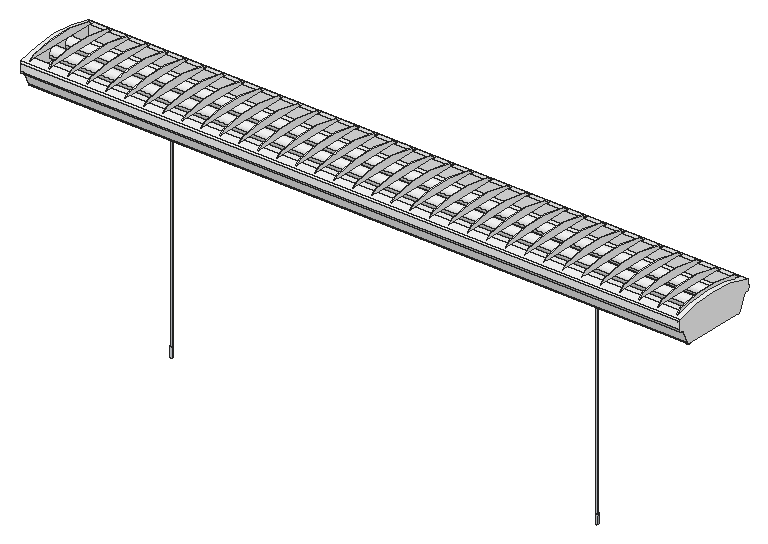
Revit family "0051683 Feilo Sylvania Lighting Fixture SYLMASTER T8 LED 1500 HO 4K Pendant ", category Lighting Fixtures, host Face, Revit 2017
Family settings
  Host = Face
  Round Connector Dimension = Use Diameter
  Part Type = Normal
  OmniClass Number = 23.80.70.00
  OmniClass Title = Lighting
  Cut with Voids When Loaded = No
  Light Source = Yes
  Shared = No
  Room Calculation Point = No
Parameters (values of type "0051683 SYLMASTER T8 LED 1500 HO 4K")
  WidthVoid_FEILO = 160 mm
  Weight = "3.0 kg"
  Wattage Comments = ""
  Wattage = 53 W
  WarrantyStartDate [instance] = "n/a"
  WarrantyGuarantorParts = "n/a"
  WarrantyDurationUnit = "n/a"
  WarrantyDurationParts = "n/a"
  WarrantyDescription = "n/a"
  built-in parameter 1150110 = 1 (stored number, unit not read)
  Voltage = 230 V
  URL = "http://www.sylvania-lighting.com"
  TypeName = "SYLMASTER T8 LED 1500 HO 4K"
  Type Image = <None>
  Type Comments = "n/a"
  Twin_FEILO = not(Single_FEILO)  # yes
  built-in parameter 1114217 = 1 (stored number, unit not read)
  Tilt Angle = -90.00°
  built-in parameter 1150109 = 1 (stored number, unit not read)
  built-in parameter 1150134 = 12
  SuspensionHeight_FEILO [instance] = 500 mm
  built-in parameter 1150113 = 1 (stored number, unit not read)
  Single_FEILO = no
  SerialNumber [instance] = "n/a"
  ReflectorSpacing_FEILO = (Length_FEILO - 30 mm) / (Array_FEILO - 1)  # 44.706 mm
  RadiusTube_FEILO = 12.7 mm
  RadiusSuspensionWire_FEILO = 2 mm
  Photometric Web File = "0051683.ies"
  Material_3_FEILO = none
  PowerFactor = 0.9
  PowerConsumption = "53 W"
  NominalLength = 1550 mm
  NominalHeight = 85 mm
  NominalDepth = 202 mm
  Name = "SYLMASTER T8 LED 1500 HO 4K"
  ModelReference = Name  # "SYLMASTER T8 LED 1500 HO 4K"
  ModelNumber = "0051683"
  Model = Name  # "SYLMASTER T8 LED 1500 HO 4K"
  Material = "steel housing"
  ManufacturerName = "Feilo Sylvania"
  Manufacturer = "Feilo Sylvania"
  LuminousEfficacy = "76 lm/W"
  built-in parameter 1150105 = 1576.1 (stored number, unit not read)
  Lumens = 4028 lm
  LuminaireType = ""
  built-in parameter 1150115 = 1 (stored number, unit not read)
  LightOutputRatio = "71"
  built-in parameter 1150137 = (empty or 0)
  built-in parameter 1150139 = (empty or 0)
  Length_FEILO = 1550 mm
  LampsType = Lamp  # "LED"
  LampNominalLuminous = "4028 lm"
  LampMacAdamStep = "6"
  LampColourTemperature = "4000 K"
  LampColourRenderingIndex = "80"
  built-in parameter 1150112 = 1 (stored number, unit not read)
  built-in parameter 1150114 = 1 (stored number, unit not read)
  Lamp = "LED"
  Keynote = "16500"
  InstallationDate [instance] = "n/a"
  InputVoltage = "220-240V~"
  InputNominalFrequency = "50/60 Hz"
  built-in parameter 1150132 = (empty or 0)
  built-in parameter 1150102 = (empty or 0)
  built-in parameter 1150107 = 4000 (stored number, unit not read)
  built-in parameter 1150138 = (empty or 0)
  IngressProtection = "IP20"
  ImpactProtectionIndex = "IK02"
  built-in parameter 1150106 = 15.761 (stored number, unit not read)
  IfcExportType = "IfcLightFixtureType"
  IfcExportAs = "IfcLightFixtureType"
  ExpectedLife = 50000
  Emit from Rectangle Width = WidthVoid_FEILO  # 160 mm
  Emit from Rectangle Length = Length_FEILO - 30 mm  # 1520 mm
  Emit Shape Visible in Rendering = no
  ElectricShockClassification = "Class I"
  built-in parameter 1150104 = 7.0606 (stored number, unit not read)
  DurationUnit = "hours"
  DocumentationLiterature = "http://www.sylvania-lighting.com/product/en-int/products/0051683"
  DimmingControlOptions = "Non dimmable"
  Material_2_FEILO = LEDTube-Sylvania-Sylmaster
  Dimming Lamp Color Temperature Shift = <None>
  RadiusSuspensionSleeve_FEILO = 3 mm
  Description = "SYLMASTER T8 LED 1500 HO 4K is a surface mount / pendant luminaire supplied with 2 ToLEDo T8 27W 840 LED Tubes."
  Default Elevation = 1219.2 mm
  CreatedOn = "2/19/2018"
  CreatedBy = ""
  Cost = 0
  Color Filter = 16777215
  built-in parameter 1114216 [instance] = (empty or 0)
  ClassificationValue = "EF_70_80"
  ClassificationName = "Uniclass2015"
  Material_1_FEILO = Body-Sylvania-Sylmaster-White
  BarCode [instance] = "n/a"
  built-in parameter 1114218 = 1 (stored number, unit not read)
  built-in parameter 1150133 = 10 (stored number, unit not read)
  AssetType = "Fixed"
  AssetIdentifier [instance] = "n/a"
  Assembly Code = "D5020200"
  Array_FEILO = if(Length_FEILO = 1250 mm, 25, 35)  # 35
  Apparent Load = 53 VA
  Material_4_FEILO = none
Reference planes
  plane 1 "Center (Front/Back)": y = 0
  plane 2: z = 0
  plane 3 "Center (Left/Right)": x = 0
  plane 4: y = 101
  plane 5: y = -101
  plane 6: z = 500
  plane 7: z = 585
  plane 8: z = 561
  plane 9: z = 545
  plane 10: z = 507
  plane 11: z = 568
  plane 12: y = -89
  plane 13: y = -75
  plane 14: y = -30
  plane 15: y = 30
  plane 16: y = 89
  plane 17: y = 75
  plane 18: z = 542
  plane 19: x = -775
  plane 20: x = 775
  plane 21: x = -500
  plane 22: x = 500
  plane 23: y = -23
  plane 24: y = 23
  plane 25: x = -480
  plane 26: x = -520
  plane 27: x = 480
  plane 28: x = 520
  plane 29: x = -513
  plane 30: x = -487
  plane 31: x = 487
  plane 32: x = 513
  plane 33: y = 80
  plane 34: y = -80
  plane 35: x = 760
  plane 36: x = -760
  plane 37: y = 33
  plane 38: z = 544.6
  plane 39: x = -715.294
  plane 40: z = 22
  plane 41: z = 478
  plane 42: x = -503
  plane 43: x = -502
  plane 44: x = 498
  plane 45: x = 497
Forms (mm)
  Extrusion 1, solid, material "Body-Sylvania-Sylmaster-White" <- "Material_1_FEILO", detail levels medium+fine
    sketch origin (0, 0, 0) x (0, 1, 0) y (0, 0, 1)
      loop
        arc (-98.274, 568.93) -> (-100.248, 567.473) -> (-101, 565.138) r 4
        line (-101, 565.138) -> (-101, 548.904)
        arc (-101, 548.904) -> (-99.941, 545.827) -> (-97.213, 544.053) r 5
        line (-97.213, 544.053) -> (-93.96, 543.24)
        arc (-93.96, 543.24) -> (-89.81, 541.072) -> (-87.101, 537.253) r 10
        line (-87.101, 537.253) -> (-76.76, 511.4)
        arc (-76.76, 511.4) -> (-74.185, 508.204) -> (-70.261, 507) r 7
        line (-70.261, 507) -> (70.261, 507)
        arc (70.261, 507) -> (74.185, 508.204) -> (76.76, 511.4) r 7
        line (76.76, 511.4) -> (87.101, 537.253)
        arc (87.101, 537.253) -> (89.81, 541.072) -> (93.96, 543.24) r 10
        line (93.96, 543.24) -> (97.213, 544.053)
        arc (97.213, 544.053) -> (99.941, 545.827) -> (101, 548.904) r 5
        line (101, 548.904) -> (101, 565.138)
        arc (101, 565.138) -> (100.248, 567.473) -> (98.274, 568.93) r 4
        arc (98.274, 568.93) -> (0, 585) -> (-98.274, 568.93) r 308.529
    from -775 to 775
  Blend 2, solid, material "Body-Sylvania-Sylmaster-White" <- "Material_1_FEILO"
    base sketch origin (0, 1219.2, 507) x (1, 0, 0) y (0, 1, 0)
      loop
        line (-520, -1189.2) -> (-520, -1249.2) -> (-480, -1249.2) -> (-480, -1189.2) -> (-520, -1189.2)
    top sketch origin (0, 1219.2, 507) x (1, 0, 0) y (0, 1, 0)
      loop
        line (-513, -1196.2) -> (-513, -1242.2) -> (-487, -1242.2) -> (-487, -1196.2) -> (-513, -1196.2)
    from 0 to -7
  Blend 3, solid, material "Body-Sylvania-Sylmaster-White" <- "Material_1_FEILO"
    base sketch origin (0, 1219.2, 507) x (1, 0, 0) y (0, 1, 0)
      loop
        line (480, -1189.2) -> (480, -1249.2) -> (520, -1249.2) -> (520, -1189.2) -> (480, -1189.2)
    top sketch origin (0, 1219.2, 507) x (1, 0, 0) y (0, 1, 0)
      loop
        line (487, -1196.2) -> (487, -1242.2) -> (513, -1242.2) -> (513, -1196.2) -> (487, -1196.2)
    from 0 to -7
  Extrusion 4, void
    sketch origin (0, 0, 0) x (0, 1, 0) y (0, 0, 1)
      loop
        line (-80, 585) -> (-80, 545) -> (80, 545) -> (80, 585) -> (-80, 585)
    from -760 to 760
  Extrusion 5, solid, material "LEDTube-Sylvania-Sylmaster" <- "Material_2_FEILO", visible <- "Single_FEILO", detail levels medium+fine
    sketch origin (0, 0, 0) x (0, 1, 0) y (0, 0, 1)
      loop
        circle (0, 561) r 12.7
    from -760 to 760
  Extrusion 6, solid, material "LEDTube-Sylvania-Sylmaster" <- "Material_2_FEILO", visible <- "Twin_FEILO", detail levels medium+fine
    sketch origin (0, 0, 0) x (0, 1, 0) y (0, 0, 1)
      loop
        circle (-23, 561) r 12.7
      loop
        circle (23, 561) r 12.7
    from -760 to 760
  Revolve 7, solid
    sketch origin (0, 0, 0) x (1, 0, 0) y (0, 0, 1)
      loop
        line (-500, 500) -> (-503, 500) -> (-503, 478) -> (-502, 478) -> (-502, 22) -> (-503, 22) -> (-503, 0) -> (-500, 0) -> (-500, 500)
      axis (-500, 500) -> (-500, 0)
    angle from 360 to 0
  Revolve 8, solid
    sketch origin (0, 0, 0) x (1, 0, 0) y (0, 0, 1)
      loop
        line (500, 500) -> (497, 500) -> (497, 478) -> (498, 478) -> (498, 22) -> (497, 22) -> (497, 0) -> (500, 0) -> (500, 500)
      axis (500, 500) -> (500, 0)
    angle from 360 to 0
  Extrusion 9, solid, material "Body-Sylvania-Sylmaster-White" <- "Material_1_FEILO", detail levels coarse
    sketch origin (0, 0, 0) x (0, 1, 0) y (0, 0, 1)
      loop
        arc (-98.274, 568.93) -> (-100.248, 567.473) -> (-101, 565.138) r 4
        line (-101, 565.138) -> (-101, 548.904)
        arc (-101, 548.904) -> (-99.941, 545.827) -> (-97.213, 544.053) r 5
        line (-97.213, 544.053) -> (-93.96, 543.24)
        arc (-93.96, 543.24) -> (-89.81, 541.072) -> (-87.101, 537.253) r 10
        line (-87.101, 537.253) -> (-76.76, 511.4)
        arc (-76.76, 511.4) -> (-74.185, 508.204) -> (-70.261, 507) r 7
        line (-70.261, 507) -> (70.261, 507)
        arc (70.261, 507) -> (74.185, 508.204) -> (76.76, 511.4) r 7
        line (76.76, 511.4) -> (87.101, 537.253)
        arc (87.101, 537.253) -> (89.81, 541.072) -> (93.96, 543.24) r 10
        line (93.96, 543.24) -> (97.213, 544.053)
        arc (97.213, 544.053) -> (99.941, 545.827) -> (101, 548.904) r 5
        line (101, 548.904) -> (101, 565.138)
        arc (101, 565.138) -> (100.248, 567.473) -> (98.274, 568.93) r 4
        arc (98.274, 568.93) -> (0, 585) -> (-98.274, 568.93) r 308.529
    from -775 to 775
Cuts and joins
  Extrusion 4 cuts Extrusion 1
Lines and regions (mm)
  reference lines
    curve 1: line (0, -101, 545) -> (0, -89, 542)
    curve 2: line (0, -89, 542) -> (0, -75, 507)
    curve 3: line (0, 101, 545) -> (0, 89, 542)
    curve 4: line (0, 89, 542) -> (0, 75, 507)
Dimensions and locks
  equal spacing: plane 5, plane 1 "Center (Front/Back)", plane 4
  locked: plane 5 to plane 4 at 202
  "SuspensionHeight_FEILO": plane 6 to plane 2
  locked: plane 6 to plane 7 at 85
  plane 8 to plane 7 = 24 mm
  locked: plane 9 to plane 7 at 40
  locked: plane 6 to plane 10 at 7
  locked: plane 8 to plane 11 at 7
  equal spacing: plane 13, plane 1 "Center (Front/Back)", plane 17
  equal spacing: plane 14, plane 1 "Center (Front/Back)", plane 15
  equal spacing: plane 12, plane 1 "Center (Front/Back)", plane 16
  locked: plane 13 to plane 17 at 150
  locked: plane 12 to plane 16 at 178
  locked: plane 18 to plane 9 at 3
  locked: Extrusion 1 sketch curve to plane 7 at 308.529
  Extrusion 1 sketch curve to plane 1 "Center (Front/Back)" to Extrusion 1 sketch curve = 97 mm locked, 97 mm locked
  Extrusion 1 sketch curve to plane 1 "Center (Front/Back)" to Extrusion 1 sketch curve = 96 mm locked, 96 mm locked
  equal spacing: plane 19, plane 3 "Center (Left/Right)", plane 20
  "Length_FEILO": plane 19 to plane 20
  Extrusion 1 sketch curve to plane 1 "Center (Front/Back)" to Extrusion 1 sketch curve = 70.261 mm locked, 70.261 mm locked
  Extrusion 1 sketch curve to plane 1 "Center (Front/Back)" to Extrusion 1 sketch curve = 96.386 mm locked, 96.386 mm locked
  Extrusion 1 sketch curve to Extrusion 1 sketch curve to Extrusion 1 sketch curve to Extrusion 1 sketch curve to plane 7 = 19.539 mm locked, 15.365 mm locked, 16.235 mm locked, 19.862 mm locked  (x2)
  equal spacing: plane 21, plane 3 "Center (Left/Right)", plane 22
  locked: plane 21 to plane 22 at 1000
  equal spacing: plane 23, plane 1 "Center (Front/Back)", plane 24
  locked: plane 14 to plane 23 at 7
  locked: plane 14 to plane 1 "Center (Front/Back)" at 30
  equal spacing: plane 26, plane 21, plane 25, locked at 20 each
  equal spacing: plane 27, plane 22, plane 28, locked at 20 each
  locked: plane 26 to plane 21 at 20
  locked: plane 27 to plane 22 at 20
  equal spacing: plane 29, plane 21, plane 30
  locked: plane 26 to plane 29 at 7
  equal spacing: plane 31, plane 22, plane 32
  locked: plane 27 to plane 31 at 7
  equal spacing: plane 36, plane 3 "Center (Left/Right)", plane 35
  locked: plane 19 to plane 36 at 15
  plane 1 "Center (Front/Back)" to plane 37 = 33 mm
  equal spacing: plane 34, plane 1 "Center (Front/Back)", plane 33
  "WidthVoid_FEILO": plane 34 to plane 33
  locked: plane 38 to plane 7 at 40.4
  "ReflectorSpacing_FEILO": plane 36 to plane 39
  equal spacing: group 1, group 2, group 3, group 4, group 5, group 6, group 7, group 8, group 9, group 10, group 11, group 12, group 13, group 14, group 15, group 16, group 17, group 18, group 19, group 20, group 21, group 22, group 23, group 24, group 25, group 26, group 27, group 28, group 29, group 30, group 31, group 32, group 33, group 34, group 35  (x3)
  locked: plane 6 to plane 41 at 22
  locked: plane 40 to host face at 22
  "RadiusSuspensionWire_FEILO": plane 22 to plane 44
  "RadiusSuspensionSleeve_FEILO": plane 22 to plane 45
  "RadiusSuspensionWire_FEILO": plane 21 to plane 43
  "RadiusSuspensionSleeve_FEILO": plane 21 to plane 42
  "RadiusTube_FEILO": radius of Extrusion 5 sketch curve
  aligned and locked: plane 2 to host face
  aligned and locked: level to host face
  aligned and locked: plane 5 to curve 1
  aligned and locked: plane 12 to curve 1
  aligned and locked: plane 13 to curve 2
  aligned and locked: plane 4 to curve 3
  aligned and locked: plane 16 to curve 3
  aligned and locked: plane 17 to curve 4
  aligned and locked: plane 5 to Extrusion 1 sketch curve
  aligned and locked: curve 2 to Extrusion 1 sketch curve
  aligned and locked: plane 1 "Center (Front/Back)" to Extrusion 1 sketch curve
  aligned and locked: plane 20 to Extrusion 1
  aligned and locked: Extrusion 1 to plane 19
  aligned and locked: Extrusion 1 sketch curve to curve 3
  aligned and locked: curve 1 to Extrusion 1 sketch curve
  aligned and locked: Extrusion 1 sketch curve to curve 4
  aligned and locked: plane 15 to Blend 2 sketch curve
  aligned and locked: plane 26 to Blend 2 sketch curve
  aligned and locked: Blend 2 sketch curve to plane 14
  aligned and locked: Blend 2 sketch curve to plane 25
  aligned and locked: plane 24 to Blend 2 sketch curve
  aligned and locked: plane 29 to Blend 2 sketch curve
  aligned and locked: Blend 2 sketch curve to plane 23
  aligned and locked: Blend 2 sketch curve to plane 30
  aligned and locked: plane 6 to Blend 2
  aligned and locked: Blend 2 to plane 10
  aligned and locked: plane 15 to Blend 3 sketch curve
  aligned and locked: plane 27 to Blend 3 sketch curve
  aligned and locked: Blend 3 sketch curve to plane 14
  aligned and locked: Blend 3 sketch curve to plane 28
  aligned and locked: plane 24 to Blend 3 sketch curve
  aligned and locked: plane 31 to Blend 3 sketch curve
  aligned and locked: Blend 3 sketch curve to plane 23
  aligned and locked: Blend 3 sketch curve to plane 32
  aligned and locked: Blend 3 to plane 10
  aligned and locked: plane 6 to Blend 3
  aligned and locked: plane 7 to Extrusion 4 sketch curve
  aligned and locked: Extrusion 4 sketch curve to plane 34
  aligned and locked: Extrusion 4 sketch curve to plane 9
  aligned and locked: plane 33 to Extrusion 4 sketch curve
  aligned and locked: plane 35 to Extrusion 4
  aligned and locked: Extrusion 4 to plane 36
  aligned and locked: plane 1 "Center (Front/Back)" to nested 1
  aligned and locked: plane 36 to nested 1
  aligned and locked: plane 39 to nested 2
  aligned and locked: plane 1 "Center (Front/Back)" to Extrusion 5 sketch curve
  aligned and locked: plane 8 to Extrusion 5 sketch curve
  aligned and locked: plane 35 to Extrusion 5
  aligned and locked: Extrusion 5 to plane 36
  aligned and locked: plane 23 to Extrusion 6 sketch curve
  aligned and locked: plane 8 to Extrusion 6 sketch curve  (x2)
  aligned and locked: plane 24 to Extrusion 6 sketch curve
  aligned and locked: plane 35 to Extrusion 6
  aligned and locked: Extrusion 6 to plane 36
  aligned and locked: plane 3 "Center (Left/Right)" to imposter light
  aligned and locked: imposter light to plane 1 "Center (Front/Back)"
  aligned and locked: imposter light to plane 7
  aligned and locked: Revolve 7 sketch curve to plane 21
  aligned and locked: plane 21 to Revolve 7 sketch curve  (x2)
  aligned and locked: Revolve 7 sketch curve to Blend 2
  aligned and locked: Revolve 7 sketch curve to plane 42  (x2)
  aligned and locked: plane 41 to Revolve 7 sketch curve
  aligned and locked: Revolve 7 sketch curve to plane 43
  aligned and locked: Revolve 7 sketch curve to plane 40
  aligned and locked: Revolve 7 sketch curve to level
  aligned and locked: Revolve 8 sketch curve to plane 22
  aligned and locked: plane 22 to Revolve 8 sketch curve  (x2)
  aligned and locked: Revolve 8 sketch curve to Blend 3
  aligned and locked: Revolve 8 sketch curve to plane 45
  aligned and locked: plane 41 to Revolve 8 sketch curve
  aligned and locked: Revolve 8 sketch curve to plane 44
  aligned and locked: Revolve 8 sketch curve to plane 40
  aligned and locked: level to Revolve 8 sketch curve
  aligned and locked: Extrusion 9 sketch curve to cut or joined group of Extrusion 1, Extrusion 4  (x9)
  aligned and locked: plane 20 to Extrusion 9
  aligned and locked: Extrusion 9 to plane 19
Automatic sketch dimensions
  host sketch curve to host sketch curve = 2438.4 mm  (x2)
  plane 9 to Extrusion 1 sketch curve = 0.947 mm  (x2)
  Extrusion 1 sketch curve to plane 18 = 1.24 mm  (x2)
  Extrusion 1 sketch curve to plane 12 = 1.899 mm
  plane 13 to Extrusion 1 sketch curve = 1.76 mm
  Extrusion 1 sketch curve to plane 17 = 1.76 mm
  plane 16 to Extrusion 1 sketch curve = 1.899 mm
  Extrusion 1 sketch curve to Extrusion 1 sketch curve = 0 mm
  plane 10 to curve 2 = 0 mm
  plane 10 to curve 4 = 0 mm
  plane 18 to curve 2 = 0 mm
  plane 18 to curve 3 = 0 mm
  plane 9 to curve 1 = 0 mm
  plane 9 to curve 3 = 0 mm
  Revolve 7 sketch curve to level = 304.8 mm
  Revolve 7 sketch curve to plane 7 = 2153.4 mm
  Revolve 8 sketch curve to plane 45 = 0 mm
  Revolve 8 sketch curve to level = 304.8 mm
  Revolve 8 sketch curve to plane 7 = 2153.4 mm
  plane 38 to Extrusion 9 sketch curve = 0.547 mm  (x2)
  Extrusion 9 sketch curve to plane 18 = 1.24 mm  (x2)
  Extrusion 9 sketch curve to plane 12 = 1.899 mm
  plane 13 to Extrusion 9 sketch curve = 1.76 mm
  Extrusion 9 sketch curve to plane 17 = 1.76 mm
  plane 16 to Extrusion 9 sketch curve = 1.899 mm
  radius of Extrusion 6 sketch curve = 12.7 mm  (x2)
Nested families
  nested 1: "Sylmaster reflector" at (-760, 0, 544.6), type "Type Name", detail levels medium+fine
    with WidthVoid_FEILO 160 mm
  nested 2: "Sylmaster reflector" at (-715.294, 0, 544.6), type "Type Name", detail levels medium+fine
    with WidthVoid_FEILO 160 mm
  nested 3: "Sylmaster reflector" at (-670.588, 0, 544.6), type "Type Name", detail levels medium+fine
    with WidthVoid_FEILO 160 mm
  nested 4: "Sylmaster reflector" at (-625.882, 0, 544.6), type "Type Name", detail levels medium+fine
    with WidthVoid_FEILO 160 mm
  nested 5: "Sylmaster reflector" at (-581.176, 0, 544.6), type "Type Name", detail levels medium+fine
    with WidthVoid_FEILO 160 mm
  nested 6: "Sylmaster reflector" at (-536.471, 0, 544.6), type "Type Name", detail levels medium+fine
    with WidthVoid_FEILO 160 mm
  nested 7: "Sylmaster reflector" at (-491.765, 0, 544.6), type "Type Name", detail levels medium+fine
    with WidthVoid_FEILO 160 mm
  nested 8: "Sylmaster reflector" at (-447.059, 0, 544.6), type "Type Name", detail levels medium+fine
    with WidthVoid_FEILO 160 mm
  nested 9: "Sylmaster reflector" at (-402.353, 0, 544.6), type "Type Name", detail levels medium+fine
    with WidthVoid_FEILO 160 mm
  nested 10: "Sylmaster reflector" at (-357.647, 0, 544.6), type "Type Name", detail levels medium+fine
    with WidthVoid_FEILO 160 mm
  nested 11: "Sylmaster reflector" at (-312.941, 0, 544.6), type "Type Name", detail levels medium+fine
    with WidthVoid_FEILO 160 mm
  nested 12: "Sylmaster reflector" at (-268.235, 0, 544.6), type "Type Name", detail levels medium+fine
    with WidthVoid_FEILO 160 mm
  nested 13: "Sylmaster reflector" at (-223.529, 0, 544.6), type "Type Name", detail levels medium+fine
    with WidthVoid_FEILO 160 mm
  nested 14: "Sylmaster reflector" at (-178.824, 0, 544.6), type "Type Name", detail levels medium+fine
    with WidthVoid_FEILO 160 mm
  nested 15: "Sylmaster reflector" at (-134.118, 0, 544.6), type "Type Name", detail levels medium+fine
    with WidthVoid_FEILO 160 mm
  nested 16: "Sylmaster reflector" at (-89.412, 0, 544.6), type "Type Name", detail levels medium+fine
    with WidthVoid_FEILO 160 mm
  nested 17: "Sylmaster reflector" at (-44.706, 0, 544.6), type "Type Name", detail levels medium+fine
    with WidthVoid_FEILO 160 mm
  nested 18: "Sylmaster reflector" at (0, 0, 544.6), type "Type Name", detail levels medium+fine
    with WidthVoid_FEILO 160 mm
  nested 19: "Sylmaster reflector" at (44.706, 0, 544.6), type "Type Name", detail levels medium+fine
    with WidthVoid_FEILO 160 mm
  nested 20: "Sylmaster reflector" at (89.412, 0, 544.6), type "Type Name", detail levels medium+fine
    with WidthVoid_FEILO 160 mm
  nested 21: "Sylmaster reflector" at (134.118, 0, 544.6), type "Type Name", detail levels medium+fine
    with WidthVoid_FEILO 160 mm
  nested 22: "Sylmaster reflector" at (178.824, 0, 544.6), type "Type Name", detail levels medium+fine
    with WidthVoid_FEILO 160 mm
  nested 23: "Sylmaster reflector" at (223.529, 0, 544.6), type "Type Name", detail levels medium+fine
    with WidthVoid_FEILO 160 mm
  nested 24: "Sylmaster reflector" at (268.235, 0, 544.6), type "Type Name", detail levels medium+fine
    with WidthVoid_FEILO 160 mm
  nested 25: "Sylmaster reflector" at (312.941, 0, 544.6), type "Type Name", detail levels medium+fine
    with WidthVoid_FEILO 160 mm
  nested 26: "Sylmaster reflector" at (357.647, 0, 544.6), type "Type Name", detail levels medium+fine
    with WidthVoid_FEILO 160 mm
  nested 27: "Sylmaster reflector" at (402.353, 0, 544.6), type "Type Name", detail levels medium+fine
    with WidthVoid_FEILO 160 mm
  nested 28: "Sylmaster reflector" at (447.059, 0, 544.6), type "Type Name", detail levels medium+fine
    with WidthVoid_FEILO 160 mm
  nested 29: "Sylmaster reflector" at (491.765, 0, 544.6), type "Type Name", detail levels medium+fine
    with WidthVoid_FEILO 160 mm
  nested 30: "Sylmaster reflector" at (536.471, 0, 544.6), type "Type Name", detail levels medium+fine
    with WidthVoid_FEILO 160 mm
  nested 31: "Sylmaster reflector" at (581.176, 0, 544.6), type "Type Name", detail levels medium+fine
    with WidthVoid_FEILO 160 mm
  nested 32: "Sylmaster reflector" at (625.882, 0, 544.6), type "Type Name", detail levels medium+fine
    with WidthVoid_FEILO 160 mm
  nested 33: "Sylmaster reflector" at (670.588, 0, 544.6), type "Type Name", detail levels medium+fine
    with WidthVoid_FEILO 160 mm
  nested 34: "Sylmaster reflector" at (715.294, 0, 544.6), type "Type Name", detail levels medium+fine
    with WidthVoid_FEILO 160 mm
  nested 35: "Sylmaster reflector" at (760, 0, 544.6), type "Type Name", detail levels medium+fine
    with WidthVoid_FEILO 160 mm
Connectors
  electrical at (0, 0, 0), driven by "Apparent Load", driven by "PowerFactor", driven by "Voltage"
    settings: index 1, voltage 230 V, apparent load 53 VA, apparent load phase1 0 VA, apparent load phase2 0 VA, apparent load phase3 0 VA, power factor 0.9, load classification "Lighting", number of poles 1, system type 30, power factor state 1, is connector primary yes, connector utility no, sub classification motor no, connector description ""
Definition of nested family "Sylmaster reflector"
  Parameters (values of type "Type Name")
    WidthVoid_FEILO = 146 mm
    URL = "http://www.feilosylvania.com"
    Type Image = (empty or 0)
    Type Comments = "n/a"
    RadiusReflectorOuter_FEILO = 303.809 mm
    RadiusReflectorInner_FEILO = 307.458 mm
    Material_3_FEILO = none
    Model = ""
    Manufacturer = "Feilo Sylvania"
    Keynote = "16500"
    Material_2_FEILO = none
    Description = ""
    Default Elevation = 1219.2 mm
    Cost = 0
    Material_1_FEILO = none
    Assembly Code = "D5020200"
    Material_4_FEILO = none
  Reference planes
    plane 1 "Center (Front/Back)": y = 0
    plane 2: z = 28.4
    plane 3 "Center (Left/Right)": x = 0
    plane 4: y = 101
    plane 5: y = -101
    plane 6: z = 28.4
    plane 7: z = 23.4
    plane 8: x = -775
    plane 9: x = 775
    plane 10: x = -500
    plane 11: x = 500
    plane 12: x = -480
    plane 13: x = -520
    plane 14: x = 480
    plane 15: x = 520
    plane 16: x = -513
    plane 17: x = -487
    plane 18: x = 487
    plane 19: x = 513
    plane 20: y = 73
    plane 21: y = -73
    plane 22: x = 760
    plane 23: x = -760
    plane 24: y = -83
    plane 25: y = 83
    plane 26: z = 28.4
    plane 27: x = 1
    plane 28: x = -1
  Forms (mm)
    Extrusion 1, solid
      sketch origin (4.2, 0, 28.4) x (1, 0, 0) y (0, 1, 0)
        loop
          line (-1219.2, 1219.2) -> (-1219.2, -1219.2) -> (1219.2, -1219.2) -> (1219.2, 1219.2) -> (-1219.2, 1219.2)
      from 0 to -68.017
    Extrusion 2, solid, material <- "Material_1_FEILO"
      sketch origin (0, 0, 0) x (0, 1, 0) y (0, 0, 1)
        loop
          arc (-83, 29.048) -> (-78.011, 30.401) -> (-73, 31.671) r 307.458
          line (-73, 31.671) -> (-73, 28.4) -> (73, 28.4) -> (73, 31.671)
          arc (73, 31.671) -> (78.011, 30.401) -> (83, 29.048) r 307.458
          line (83, 29.048) -> (73, 36.779)
          arc (73, 36.779) -> (0, 45.68) -> (-73, 36.779) r 303.809
          line (-73, 36.779) -> (-83, 29.048)
      from 1 to -1
  Lines and regions (mm)
    reference lines
      curve 1: arc (0, -101, 28.4) -> (0, 0, 45.68) -> (0, 101, 28.4) r 303.809
      curve 2: arc (0, -101, 23.4) -> (0, 0, 40.463) -> (0, 101, 23.4) r 307.458
  Dimensions and locks
    equal spacing: plane 5, plane 1 "Center (Front/Back)", plane 4
    locked: plane 5 to plane 4 at 202
    equal spacing: plane 8, plane 3 "Center (Left/Right)", plane 9
    locked: plane 8 to plane 9 at 1550
    equal spacing: plane 10, plane 3 "Center (Left/Right)", plane 11
    locked: plane 10 to plane 11 at 1000
    equal spacing: plane 13, plane 10, plane 12, locked at 20 each
    equal spacing: plane 14, plane 11, plane 15, locked at 20 each
    locked: plane 13 to plane 10 at 20
    locked: plane 14 to plane 11 at 20
    equal spacing: plane 16, plane 10, plane 17
    locked: plane 13 to plane 16 at 7
    equal spacing: plane 18, plane 11, plane 19
    locked: plane 14 to plane 18 at 7
    equal spacing: plane 23, plane 3 "Center (Left/Right)", plane 22
    locked: plane 8 to plane 23 at 15
    equal spacing: plane 21, plane 1 "Center (Front/Back)", plane 20
    "WidthVoid_FEILO": plane 21 to plane 20
    equal spacing: plane 24, plane 1 "Center (Front/Back)", plane 25
    locked: plane 24 to plane 21 at 10
    locked: plane 7 to plane 26 at 5
    plane 28 to plane 3 "Center (Left/Right)" to plane 27 = 1 mm locked, 1 mm locked
    "RadiusReflectorInner_FEILO": radius of curve 2
    "RadiusReflectorOuter_FEILO": radius of curve 1
    aligned and locked: plane 2 to Extrusion 1
    aligned and locked: level to Extrusion 1
    aligned and locked: plane 5 to curve 1
    aligned and locked: plane 26 to curve 1  (x2)
    aligned and locked: plane 4 to curve 1
    aligned and locked: plane 4 to curve 2
    aligned and locked: plane 7 to curve 2  (x2)
    aligned and locked: plane 5 to curve 2
    aligned and locked: Extrusion 2 to plane 28
    aligned and locked: plane 27 to Extrusion 2
    aligned and locked: Extrusion 2 sketch curve to curve 2  (x2)
    aligned and locked: Extrusion 2 sketch curve to curve 1
    aligned and locked: plane 26 to Extrusion 2 sketch curve
    aligned and locked: Extrusion 2 sketch curve to plane 20
    aligned and locked: plane 21 to Extrusion 2 sketch curve  (x3)
    aligned and locked: plane 24 to Extrusion 2 sketch curve
    aligned and locked: plane 20 to Extrusion 2 sketch curve
    aligned and locked: plane 25 to Extrusion 2 sketch curve
    aligned and locked: plane 26 to plane 6
    aligned and locked: level to plane 26
  Automatic sketch dimensions
    Extrusion 1 sketch curve to Extrusion 1 sketch curve = 2438.4 mm  (x2)
